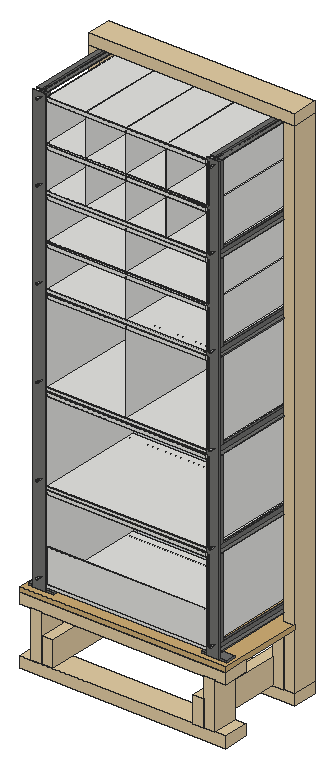
Revit family "Mailboxes_Aluminum-Rack_Ladder_System-Salsbury_Industries-5_Unit_High_Wall_Installation", category Specialty Equipment, host Wall, Revit 2016
Family settings
  Host = Wall
  Part Type = Normal
  Round Connector Dimension = Use Diameter
  OmniClass Number = 23.40.90.14.11
  OmniClass Title = Mail Boxes
  Always vertical = Yes
  Cut with Voids When Loaded = No
  Shared = No
  Room Calculation Point = No
Parameters (values of type "Single Column Installation-2200 Series Mailboxes-5 High")
  Version = "2.0 (06/30/18)"
  URL = "www.mailboxes.com"
  Type Comments = "Rack Ladder System for Aluminum Mailbox Units"
  Trim Material = Steel - Salsbury Finish - Black
  Starter and Add On Configuration (not applicable) = yes
  Starter Configuration (not applicable) = yes
  Rough Opening Width = 25.375"
  Rough Opening Height = 61.625"
  Rack Ladder Spacing = 23.875"
  Right RO Offset = 1.500"
  Rack Ladder Offset = 0.750"
  Rack Ladder Height = Rack Ladder Units : 2200C5
  Platform Material = Plywood
  OmniClass 23 Title = "Mail Boxes"
  OmniClass 23 Number = "23.40.90.14.11"
  Model = "2200 Series"
  MasterFormat Title = "Postal Specialties"
  MasterFormat Number = "10 55 00"
  Manufacturer = "Salsbury Industries"
  Lock Material = Stainless Steel -Salsbury Finish - Polished
  Left RO Offset = 1.500"
  Front Panel Material = Aluminum - Salsbury Finish - Aluminum
  End Column and Add On Configuration (not applicable) = yes
  Description = "5 Unit High  Installation - Single Column"
  Base Height [instance] = 10.000"
  Base Depth = 16.000"
  Back Enclosure Material = Steel - Salsbury Finish - Clear
  Assembly Code = "C1030910"
  2x4 Platform Support = Softwood, Lumber
  2200 Series Mailbox - Location 5 [instance] = 2200_Series_Aluminum_Mailboxes_Rack_Ladder_Units : 2208
  2200 Series Mailbox - Location 4 [instance] = 2200_Series_Aluminum_Mailboxes_Rack_Ladder_Units : 2204
  2200 Series Mailbox - Location 3 [instance] = 2200_Series_Aluminum_Mailboxes_Rack_Ladder_Units : 2202
  2200 Series Mailbox - Location 2 [instance] = 2200_Series_Aluminum_Mailboxes_Rack_Ladder_Units : 2201
  2200 Series Mailbox - Location 1 [instance] = 2200_Series_Aluminum_Mailboxes_Rack_Ladder_Units : 2280
Reference planes (in)
  plane 1 "Center of Wall": y = 0
  plane 2 "Center (Left/Right)": x = 0
  plane 3 "Front Face of Wall": y = 2.4375
  plane 4 "Left Side of RO": x = 12.6875
  plane 5 "Right Side of RO": x = -12.6875
  plane 6 "Top of RO": z = 71.625
  plane 7 "Bottom of RO": z = 10
  plane 8 "Back of Platform": y = -13.5625
  plane 9 "Floor": z = 0
  plane 10 "Back Face of Wall": y = -2.4375
  plane 11: y = -9.0625
  plane 12 "Base-Back Bottom Frame": z = 1.5
  plane 13 "Base-Back TopFrame": z = 7.875
  plane 14 "Base Center-Back TopFrame": z = 8.625
  plane 15 "Base Center-Back Bottom Frame": z = 0.75
  plane 16 "Bottom of Platform": z = 9.375
  plane 17 "Brace/Support Align-Right": x = -11.1875
  plane 18 "Brace/Support Align-Left": x = 11.1875
  plane 19 "Wall Opening Extension - Left": x = 14.1875
  plane 20 "Wall Opening Extension - Right": x = -14.1875
  plane 21 "Wall Opening Extension - Top": z = 73.125
  plane 22 "Right Rack Ladder Align": x = -11.9375
  plane 23 "Left Rack Ladder Align": x = 11.9375
  plane 24: z = 5
  plane 25: y = -1.75
  plane 26: y = 1.75
  plane 27 "Mail Align 1": z = 10.9375
  plane 28: z = 23.0625
  plane 29: z = 35.1875
  plane 30: z = 47.3125
  plane 31: z = 59.4375
  plane 32: z = 71.5625
  plane 33 "Center of Mailboxes": x = 0
  plane 34 "Mailbox Side Align": x = 11.5935
  plane 35: x = -12.6875
  plane 36: x = 12.6875
  plane 37: y = 2.0625
  plane 38: x = 9.6875
  plane 39: x = -9.6875
  plane 40: y = -10.0625
  plane 41 "15"AFF - Low Reach Limit": z = 15
Forms (in)
  Extrusion 1, void
    sketch origin (0, 0, 0) x (1, 0, 0) y (0, 0, 1)
      loop
        line (12.6875, 71.625) -> (-12.6875, 71.625) -> (-12.6875, 10) -> (12.6875, 10) -> (12.6875, 71.625)
    from -2.4375 to 2.4375
  Extrusion 2, void
    sketch origin (0, -2.4375, 0) x (-1, 0, 0) y (0, 0, 1)
      loop
        line (12.6875, 10) -> (-12.6875, 10) -> (-12.6875, 0) -> (12.6875, 0) -> (12.6875, 10)
    from 0 to 4.5
  Extrusion 3, solid, material "Softwood, Lumber" <- "2x4 Platform Support"
    sketch origin (0, 0, 0) x (1, 0, 0) y (0, 1, 0)
      loop
        line (14.1875, -13.5625) -> (14.1875, -10.0625) -> (-14.1875, -10.0625) -> (-14.1875, -13.5625) -> (14.1875, -13.5625)
    from 0 to 1.5
  Extrusion 4, solid, material "Softwood, Lumber" <- "2x4 Platform Support"
    sketch origin (0, 11.8125, 0) x (1, 0, 0) y (0, 1, 0)
      loop
        line (14.1875, -13.5625) -> (14.1875, -10.0625) -> (-14.1875, -10.0625) -> (-14.1875, -13.5625) -> (14.1875, -13.5625)
    from 0 to 1.5
  Extrusion 5, solid, material "Softwood, Lumber" <- "2x4 Platform Support"
    sketch origin (0, 0, 7.875) x (1, 0, 0) y (0, 1, 0)
      loop
        line (14.1875, -13.5625) -> (14.1875, -10.0625) -> (-14.1875, -10.0625) -> (-14.1875, -13.5625) -> (14.1875, -13.5625)
    from 0 to 1.5
  Extrusion 6, solid, material "Softwood, Lumber" <- "2x4 Platform Support"
    sketch origin (0, 0, 7.875) x (1, 0, 0) y (0, 1, 0)
      loop
        line (12.6875, -1.75) -> (12.6875, 1.75) -> (-12.6875, 1.75) -> (-12.6875, -1.75) -> (12.6875, -1.75)
    from 0 to 1.5
  Extrusion 7, solid, material "Softwood, Lumber" <- "2x4 Platform Support"
    sketch origin (-12.6875, 0, 0) x (0, 0, -1) y (0, 1, 0)
      loop
        line (-7.875, -13.5625) -> (-1.5, -13.5625) -> (-1.5, -10.0625) -> (-7.875, -10.0625) -> (-7.875, -13.5625)
    from 0 to 1.5
  Extrusion 8, solid, material "Softwood, Lumber" <- "2x4 Platform Support"
    sketch origin (-12.6875, 0, 0) x (0, 0, -1) y (0, 1, 0)
      loop
        line (-7.875, -1.75) -> (-1.5, -1.75) -> (-1.5, 1.75) -> (-7.875, 1.75) -> (-7.875, -1.75)
    from 0 to 1.5
  Extrusion 9, solid, material "Softwood, Lumber" <- "2x4 Platform Support", visible <- "End Column and Add On Configuration (not applicable)"
    sketch origin (12.6875, 0, 0) x (0, 0, -1) y (0, 1, 0)
      loop
        line (-7.875, -13.5625) -> (-1.5, -13.5625) -> (-1.5, -10.0625) -> (-7.875, -10.0625) -> (-7.875, -13.5625)
    from 0 to -1.5
  Extrusion 10, solid, material "Softwood, Lumber" <- "2x4 Platform Support", visible <- "End Column and Add On Configuration (not applicable)"
    sketch origin (12.6875, 0, 0) x (0, 0, -1) y (0, 1, 0)
      loop
        line (-7.875, -1.75) -> (-1.5, -1.75) -> (-1.5, 1.75) -> (-7.875, 1.75) -> (-7.875, -1.75)
    from 0 to -1.5
  Extrusion 11, solid, material "Softwood, Lumber" <- "2x4 Platform Support"
    sketch origin (-11.1875, 0, 0) x (0, 0, -1) y (0, -1, 0)
      loop
        line (-1.5, 13.5625) -> (-5, 13.5625) -> (-5, -1.75) -> (-1.5, -1.75) -> (-1.5, 13.5625)
    from 0 to -1.5
  Extrusion 12, solid, material "Softwood, Lumber" <- "2x4 Platform Support", visible <- "End Column and Add On Configuration (not applicable)"
    sketch origin (11.1875, 0, 0) x (0, 0, -1) y (0, -1, 0)
      loop
        line (-1.5, 13.5625) -> (-5, 13.5625) -> (-5, -1.75) -> (-1.5, -1.75) -> (-1.5, 13.5625)
    from 0 to 1.5
  Extrusion 13, void
    sketch origin (0, 0, 73.125) x (0, -1, 0) y (1, 0, 0)
      loop
        line (2.4375, -14.1875) -> (2.4375, 14.1875) -> (-2.06201, 14.1875) -> (-2.06201, -14.1875) -> (2.4375, -14.1875)
    from -73.125 to 0
  Extrusion 14, solid, material "Softwood, Lumber" <- "2x4 Platform Support", visible <- "End Column and Add On Configuration (not applicable)"
    sketch origin (14.1875, 0, 0) x (0, -1, 0) y (0, 0, 1)
      loop
        line (1.75, 1.5) -> (1.75, 71.625) -> (-1.75, 71.625) -> (-1.75, 1.5) -> (1.75, 1.5)
    from 0 to 1.5
  Extrusion 15, solid, material "Softwood, Lumber" <- "2x4 Platform Support", visible <- "Starter and Add On Configuration (not applicable)"
    sketch origin (-14.1875, 0, 0) x (0, -1, 0) y (0, 0, 1)
      loop
        line (1.75, 1.5) -> (1.75, 71.625) -> (-1.75, 71.625) -> (-1.75, 1.5) -> (1.75, 1.5)
    from 0 to -1.5
  Extrusion 16, solid, material "Softwood, Lumber" <- "2x4 Platform Support"
    sketch origin (0, 11.8125, 73.125) x (0, -1, 0) y (1, 0, 0)
      loop
        line (13.5625, 14.1875) -> (10.0625, 14.1875) -> (10.0625, -14.1875) -> (13.5625, -14.1875) -> (13.5625, 14.1875)
    from 0 to -1.5
  Extrusion 17, solid, material "Plywood" <- "Platform Material"
    sketch origin (0, 0, 9.375) x (0, -1, 0) y (1, 0, 0)
      loop
        line (13.5625, -14.1875) -> (13.5625, 14.1875) -> (-2.0625, 14.1875) -> (-2.0625, -14.1875) -> (13.5625, -14.1875)
    from 0 to 0.625
  Extrusion 18, void
    sketch origin (-12.6875, 0, 0) x (0, 0, -1) y (0, 1, 0)
      loop
        line (-9.375, 2.0625) -> (-10, 2.0625) -> (-10, -1.75) -> (-9.375, -1.75) -> (-9.375, 2.0625)
    from 0 to -1.5
  Extrusion 19, void
    sketch origin (12.6875, 0, 0) x (0, 0, -1) y (0, 1, 0)
      loop
        line (-9.375, 2.0625) -> (-10, 2.0625) -> (-10, -1.75) -> (-9.375, -1.75) -> (-9.375, 2.0625)
    from 0 to 1.5
Cuts and joins
  Extrusion 18 cuts Extrusion 6
  Extrusion 18, Extrusion 19 cuts Extrusion 17
Lines and regions (in)
  symbolic lines
    curve 1: line (-14.1875, -13.5625, 10.9375) -> (14.1875, -13.5625, 10.9375)
    curve 2: line (-14.1875, 1.75, 10.9375) -> (-14.1875, -13.5625, 10.9375)
    curve 3: line (14.1875, 1.75, 10.9375) -> (-14.1875, 1.75, 10.9375)
    curve 4: line (14.1875, -13.5625, 10.9375) -> (14.1875, 1.75, 10.9375)
    curve 5: line (-14.1875, -1.75, 10.9375) -> (14.1875, -1.75, 10.9375)
    curve 6: line (-12.6875, -1.75, 73.125) -> (-12.6875, 1.75, 73.125)
    curve 7: line (-12.6875, -1.75, 0) -> (-12.6875, -1.75, 73.125)
    curve 8: line (-12.6875, 1.75, 0) -> (-12.6875, -1.75, 0)
    curve 9: line (-12.6875, 1.75, 73.125) -> (-12.6875, 1.75, 0)
    curve 10: line (-12.6875, -13.5625, 9.375) -> (-12.6875, -10.0625, 9.375)
    curve 11: line (-12.6875, -13.5625, 0) -> (-12.6875, -13.5625, 9.375)
    curve 12: line (-12.6875, -10.0625, 0) -> (-12.6875, -13.5625, 0)
    curve 13: line (-12.6875, -10.0625, 9.375) -> (-12.6875, -10.0625, 0)
    curve 14: line (-12.6875, -13.5625, 7.875) -> (-12.6875, -10.0625, 7.875)
    curve 15: line (-12.6875, -13.5625, 1.5) -> (-12.6875, 1.75, 1.5)
    curve 16: line (-12.6875, -10.0625, 5) -> (-12.6875, -1.75, 5)
    curve 17: line (-12.6875, -13.5625, 10) -> (-12.6875, -1.75, 10)
    curve 18: line (-12.6875, -13.5625, 9.375) -> (-12.6875, -13.5625, 10)
    curve 19: line (-12.6875, -1.75, 9.375) -> (-12.6875, -13.5625, 9.375)
    curve 20: line (-12.6875, -1.75, 71.625) -> (-12.6875, 1.75, 71.625)
    curve 21: line (-14.1875, 0, 73.125) -> (14.1875, 0, 73.125)
    curve 22: line (-14.1875, 0, 71.625) -> (-14.1875, 0, 73.125)
    curve 23: line (14.1875, 0, 71.625) -> (-14.1875, 0, 71.625)
    curve 24: line (14.1875, 0, 73.125) -> (14.1875, 0, 71.625)
    curve 25: line (-14.1875, 0, 71.625) -> (-14.1875, 0, 1.5)
    curve 26: line (14.1875, 0, 71.625) -> (14.1875, 0, 1.5)
    curve 27: line (-14.1875, 0, 0) -> (14.1875, 0, 0)
    curve 28: line (-14.1875, 0, 1.5) -> (-14.1875, 0, 0)
    curve 29: line (14.1875, 0, 1.5) -> (-14.1875, 0, 1.5)
    curve 30: line (14.1875, 0, 0) -> (14.1875, 0, 1.5)
    curve 31: line (-14.1875, 0, 9.375) -> (14.1875, 0, 9.375)
    curve 32: line (-14.1875, 0, 10) -> (14.1875, 0, 10)
    curve 33: line (14.1875, 0, 7.875) -> (-14.1875, 0, 7.875)
    curve 34: line (-12.6875, 0, 1.5) -> (-12.6875, 0, 7.875)
    curve 35: line (-11.1875, 0, 1.5) -> (-11.1875, 0, 7.875)
    curve 36: line (-9.6875, 0, 1.5) -> (-9.6875, 0, 5)
    curve 37: line (-11.1875, 0, 5) -> (-9.6875, 0, 5)
    curve 38: line (11.1875, 0, 1.5) -> (11.1875, 0, 7.875)
    curve 39: line (12.6875, 0, 1.5) -> (12.6875, 0, 7.875)
    curve 40: line (9.6875, 0, 1.5) -> (9.6875, 0, 5)
    curve 41: line (11.1875, 0, 5) -> (9.6875, 0, 5)
Text (in)
  text "Placement Side" at (0, 40.15149, 123.01588), in view "Right"
  text "Placement Side" at (-58.6842, 42.74981, 0), in view "Ref. Level"
  text "Placement Side" at (0, 47.49176, 140.59947), in view "Left"
Dimensions and locks (in)
  locked: plane 3 "Front Face of Wall" to host wall
  equal spacing: plane 4 "Left Side of RO", plane 2 "Center (Left/Right)", plane 5 "Right Side of RO"
  "Rough Opening Width": plane 4 "Left Side of RO" to plane 5 "Right Side of RO"
  "Rough Opening Height": plane 7 "Bottom of RO" to plane 6 "Top of RO"
  "Base Height": plane 9 "Floor" to plane 7 "Bottom of RO"
  "Base Depth": plane 8 "Back of Platform" to plane 3 "Front Face of Wall"
  plane 8 "Back of Platform" to plane 11 = 4.500"
  plane 24 to plane 12 "Base-Back Bottom Frame" to plane 15 "Base Center-Back Bottom Frame" to plane 9 "Floor" = 3.500", 0.750", 0.750"
  plane 7 "Bottom of RO" to plane 16 "Bottom of Platform" to plane 14 "Base Center-Back TopFrame" to plane 13 "Base-Back TopFrame" = 0.625", 0.750", 0.750"
  plane 5 "Right Side of RO" to plane 17 "Brace/Support Align-Right" to plane 39 = 1.500" locked, 1.500" locked
  plane 38 to plane 18 "Brace/Support Align-Left" to plane 4 "Left Side of RO" = 1.500" locked, 1.500" locked
  "Left RO Offset": plane 4 "Left Side of RO" to plane 19 "Wall Opening Extension - Left"
  "Right RO Offset": plane 20 "Wall Opening Extension - Right" to plane 5 "Right Side of RO"
  locked: plane 21 "Wall Opening Extension - Top" to plane 6 "Top of RO" at 1.5
  "Rack Ladder Spacing": plane 22 "Right Rack Ladder Align" to plane 23 "Left Rack Ladder Align"
  plane 25 to plane 1 "Center of Wall" to plane 26 = 1.750", 1.750"
  "Rack Ladder Offset": plane 22 "Right Rack Ladder Align" to plane 5 "Right Side of RO"
  plane 32 to plane 31 to plane 30 to plane 29 to plane 28 to plane 27 "Mail Align 1" to plane 7 "Bottom of RO" = 12.125", 12.125", 12.125", 12.125", 12.125", 0.9375"
  equal spacing: plane 22 "Right Rack Ladder Align", plane 33 "Center of Mailboxes", plane 23 "Left Rack Ladder Align"
  locked: plane 34 "Mailbox Side Align" to plane 23 "Left Rack Ladder Align" at 0.344
  locked: plane 20 "Wall Opening Extension - Right" to plane 35 at 1.5
  locked: plane 36 to plane 19 "Wall Opening Extension - Left" at 1.5
  locked: plane 37 to plane 3 "Front Face of Wall" at 0.375
  locked: plane 41 "15"AFF - Low Reach Limit" to plane 9 "Floor" at 15
  aligned and locked: plane 9 "Floor" to level
  aligned and locked: plane 6 "Top of RO" to Extrusion 1 sketch curve
  aligned and locked: plane 5 "Right Side of RO" to Extrusion 1 sketch curve
  aligned and locked: Extrusion 1 sketch curve to plane 4 "Left Side of RO"
  aligned and locked: Extrusion 1 sketch curve to plane 7 "Bottom of RO"
  aligned and locked: host wall to Extrusion 1  (x2)
  aligned and locked: plane 10 "Back Face of Wall" to host wall
  aligned and locked: plane 7 "Bottom of RO" to Extrusion 2 sketch curve
  aligned and locked: Extrusion 2 sketch curve to plane 4 "Left Side of RO"
  aligned and locked: plane 5 "Right Side of RO" to Extrusion 2 sketch curve
  aligned and locked: Extrusion 2 sketch curve to plane 9 "Floor"
  aligned and locked: Extrusion 3 to plane 12 "Base-Back Bottom Frame"
  aligned and locked: plane 4 "Left Side of RO" to Extrusion 6
  aligned and locked: Extrusion 6 to plane 5 "Right Side of RO"
  aligned and locked: plane 12 "Base-Back Bottom Frame" to Extrusion 7
  aligned and locked: Extrusion 7 to plane 13 "Base-Back TopFrame"
  aligned and locked: plane 13 "Base-Back TopFrame" to Extrusion 5
  aligned and locked: plane 12 "Base-Back Bottom Frame" to Extrusion 8
  aligned and locked: plane 12 "Base-Back Bottom Frame" to Extrusion 9
  aligned and locked: plane 12 "Base-Back Bottom Frame" to Extrusion 10
  aligned and locked: Extrusion 9 to plane 13 "Base-Back TopFrame"
  aligned and locked: Extrusion 10 to plane 13 "Base-Back TopFrame"
  aligned and locked: Extrusion 4 to Extrusion 12
  aligned and locked: Extrusion 4 to Extrusion 11
  aligned and locked: Extrusion 13 sketch curve to plane 20 "Wall Opening Extension - Right"
  aligned and locked: plane 19 "Wall Opening Extension - Left" to Extrusion 13 sketch curve
  aligned and locked: Extrusion 4 to plane 19 "Wall Opening Extension - Left"
  aligned and locked: plane 20 "Wall Opening Extension - Right" to Extrusion 4
  aligned and locked: Extrusion 17 to plane 7 "Bottom of RO"
  aligned and locked: Extrusion 13 to level
  aligned and locked: plane 24 to Extrusion 12
  aligned and locked: Extrusion 11 to plane 24
  aligned and locked: nested 1 to plane 7 "Bottom of RO"
  aligned and locked: nested 2 to plane 23 "Left Rack Ladder Align"
  aligned and locked: nested 1 to plane 22 "Right Rack Ladder Align"
  aligned and locked: plane 7 "Bottom of RO" to nested 2
  aligned and locked: plane 3 "Front Face of Wall" to nested 1
  aligned and locked: nested 2 to plane 3 "Front Face of Wall"
  aligned and locked: Extrusion 5 to Extrusion 4
  aligned and locked: Extrusion 5 to plane 19 "Wall Opening Extension - Left"
  aligned and locked: Extrusion 5 to Extrusion 17
  aligned and locked: Extrusion 17 to Extrusion 5
  aligned and locked: Extrusion 4 to Extrusion 3  (x2)
  aligned and locked: Extrusion 4 to plane 12 "Base-Back Bottom Frame"
  aligned and locked: plane 12 "Base-Back Bottom Frame" to Extrusion 15
  aligned and locked: Extrusion 15 to plane 6 "Top of RO"
  aligned and locked: Extrusion 14 to plane 6 "Top of RO"
  aligned and locked: Extrusion 16 to plane 19 "Wall Opening Extension - Left"
  aligned and locked: plane 20 "Wall Opening Extension - Right" to Extrusion 16
  aligned and locked: Extrusion 17 to Extrusion 3  (x2)
  aligned and locked: plane 25 to Extrusion 4
  aligned and locked: Extrusion 4 to plane 26
  aligned and locked: plane 25 to Extrusion 14
  aligned and locked: Extrusion 14 to plane 26
  aligned and locked: Extrusion 10 to plane 26
  aligned and locked: plane 25 to Extrusion 10
  aligned and locked: plane 25 to cut or joined group of Extrusion 6, Extrusion 18
  aligned and locked: cut or joined group of Extrusion 6, Extrusion 18 to plane 26
  aligned and locked: plane 25 to Extrusion 8
  aligned and locked: Extrusion 8 to plane 26
  aligned and locked: Extrusion 16 to plane 26  (x2)
  aligned and locked: plane 25 to Extrusion 16
  aligned and locked: cut or joined group of Extrusion 17, Extrusion 18, Extrusion 19 to Extrusion 18
  aligned and locked: Extrusion 18 to Extrusion 4
  aligned and locked: Extrusion 19 to cut or joined group of Extrusion 17, Extrusion 18, Extrusion 19
  aligned and locked: Extrusion 4 to Extrusion 19
  aligned and locked: nested 4 to plane 3 "Front Face of Wall"
  aligned and locked: nested 6 to plane 3 "Front Face of Wall"
  aligned and locked: nested 5 to plane 3 "Front Face of Wall"
  aligned and locked: nested 7 to plane 3 "Front Face of Wall"
  aligned and locked: plane 27 "Mail Align 1" to nested 3
  aligned and locked: plane 28 to nested 4
  aligned and locked: plane 29 to nested 5
  aligned and locked: plane 30 to nested 6
  aligned and locked: plane 31 to nested 7
  aligned and locked: nested 3 to plane 3 "Front Face of Wall"
  aligned and locked: nested 7 to plane 34 "Mailbox Side Align"
  aligned and locked: nested 6 to plane 34 "Mailbox Side Align"
  aligned and locked: nested 5 to plane 34 "Mailbox Side Align"
  aligned and locked: nested 4 to plane 34 "Mailbox Side Align"
  aligned and locked: nested 3 to plane 34 "Mailbox Side Align"
  aligned and locked: Extrusion 15 to plane 26
  aligned and locked: plane 25 to Extrusion 15
  aligned and locked: plane 25 to Extrusion 15 sketch curve
  aligned and locked: Extrusion 15 sketch curve to plane 26
  aligned and locked: Extrusion 15 sketch curve to plane 6 "Top of RO"
  aligned and locked: plane 12 "Base-Back Bottom Frame" to Extrusion 15 sketch curve
  aligned and locked: Extrusion 15 to plane 35
  aligned and locked: plane 20 "Wall Opening Extension - Right" to Extrusion 15
  aligned and locked: plane 12 "Base-Back Bottom Frame" to Extrusion 14 sketch curve
  aligned and locked: plane 25 to Extrusion 14 sketch curve
  aligned and locked: Extrusion 14 sketch curve to plane 26
  aligned and locked: Extrusion 14 sketch curve to plane 6 "Top of RO"
  aligned and locked: Extrusion 14 to plane 36
  aligned and locked: Extrusion 14 to plane 19 "Wall Opening Extension - Left"
  aligned and locked: plane 26 to Extrusion 16 sketch curve
  aligned and locked: Extrusion 16 sketch curve to plane 20 "Wall Opening Extension - Right"
  aligned and locked: Extrusion 16 sketch curve to plane 25
  aligned and locked: plane 19 "Wall Opening Extension - Left" to Extrusion 16 sketch curve
  aligned and locked: Extrusion 16 to plane 21 "Wall Opening Extension - Top"
  aligned and locked: plane 6 "Top of RO" to Extrusion 16
  aligned and locked: plane 20 "Wall Opening Extension - Right" to Extrusion 17 sketch curve
  aligned and locked: Extrusion 17 sketch curve to plane 19 "Wall Opening Extension - Left"
  aligned and locked: plane 8 "Back of Platform" to Extrusion 17 sketch curve
  aligned and locked: plane 37 to Extrusion 17 sketch curve
  aligned and locked: plane 16 "Bottom of Platform" to cut or joined group of Extrusion 17, Extrusion 18, Extrusion 19
  aligned and locked: plane 5 "Right Side of RO" to Extrusion 6 sketch curve
  aligned and locked: plane 26 to Extrusion 6 sketch curve
  aligned and locked: Extrusion 6 sketch curve to plane 25
  aligned and locked: Extrusion 6 sketch curve to plane 4 "Left Side of RO"
  aligned and locked: plane 13 "Base-Back TopFrame" to cut or joined group of Extrusion 6, Extrusion 18
  aligned and locked: cut or joined group of Extrusion 6, Extrusion 18 to plane 16 "Bottom of Platform"
  aligned and locked: plane 40 to Extrusion 5 sketch curve
  aligned and locked: Extrusion 5 sketch curve to plane 8 "Back of Platform"
  aligned and locked: Extrusion 5 sketch curve to plane 20 "Wall Opening Extension - Right"
  aligned and locked: plane 19 "Wall Opening Extension - Left" to Extrusion 5 sketch curve
  aligned and locked: Extrusion 5 to plane 16 "Bottom of Platform"
  aligned and locked: plane 13 "Base-Back TopFrame" to Extrusion 8 sketch curve
  aligned and locked: Extrusion 8 sketch curve to plane 25
  aligned and locked: plane 26 to Extrusion 8 sketch curve
  aligned and locked: Extrusion 8 sketch curve to plane 12 "Base-Back Bottom Frame"
  aligned and locked: Extrusion 8 to plane 17 "Brace/Support Align-Right"
  aligned and locked: Extrusion 8 to plane 5 "Right Side of RO"
  aligned and locked: plane 13 "Base-Back TopFrame" to Extrusion 7 sketch curve
  aligned and locked: Extrusion 7 sketch curve to plane 12 "Base-Back Bottom Frame"
  aligned and locked: plane 40 to Extrusion 7 sketch curve
  aligned and locked: Extrusion 7 sketch curve to plane 8 "Back of Platform"
  aligned and locked: Extrusion 7 to plane 17 "Brace/Support Align-Right"
  aligned and locked: Extrusion 7 to plane 5 "Right Side of RO"
  aligned and locked: Extrusion 11 sketch curve to plane 24
  aligned and locked: plane 12 "Base-Back Bottom Frame" to Extrusion 11 sketch curve
  aligned and locked: plane 8 "Back of Platform" to Extrusion 11 sketch curve
  aligned and locked: Extrusion 11 sketch curve to plane 26
  aligned and locked: plane 39 to Extrusion 11
  aligned and locked: plane 17 "Brace/Support Align-Right" to Extrusion 11
  aligned and locked: plane 13 "Base-Back TopFrame" to Extrusion 10 sketch curve
  aligned and locked: Extrusion 10 sketch curve to plane 12 "Base-Back Bottom Frame"
  aligned and locked: Extrusion 10 sketch curve to plane 25
  aligned and locked: plane 26 to Extrusion 10 sketch curve
  aligned and locked: plane 4 "Left Side of RO" to Extrusion 10
  aligned and locked: plane 18 "Brace/Support Align-Left" to Extrusion 10
  aligned and locked: plane 13 "Base-Back TopFrame" to Extrusion 9 sketch curve
  aligned and locked: Extrusion 9 sketch curve to plane 12 "Base-Back Bottom Frame"
  aligned and locked: plane 40 to Extrusion 9 sketch curve
  aligned and locked: Extrusion 9 sketch curve to plane 8 "Back of Platform"
  aligned and locked: plane 4 "Left Side of RO" to Extrusion 9
  aligned and locked: plane 18 "Brace/Support Align-Left" to Extrusion 9
  aligned and locked: Extrusion 12 sketch curve to plane 26
  aligned and locked: Extrusion 12 sketch curve to plane 24
  aligned and locked: plane 12 "Base-Back Bottom Frame" to Extrusion 12 sketch curve
  aligned and locked: plane 8 "Back of Platform" to Extrusion 12 sketch curve
  aligned and locked: Extrusion 12 to plane 18 "Brace/Support Align-Left"
  aligned and locked: Extrusion 12 to plane 38
  aligned and locked: plane 26 to Extrusion 4 sketch curve
  aligned and locked: Extrusion 4 sketch curve to plane 25
  aligned and locked: plane 19 "Wall Opening Extension - Left" to Extrusion 4 sketch curve
  aligned and locked: Extrusion 4 sketch curve to plane 20 "Wall Opening Extension - Right"
  aligned and locked: plane 9 "Floor" to Extrusion 4
  aligned and locked: plane 40 to Extrusion 3 sketch curve
  aligned and locked: Extrusion 3 sketch curve to plane 8 "Back of Platform"
  aligned and locked: plane 19 "Wall Opening Extension - Left" to Extrusion 3 sketch curve
  aligned and locked: Extrusion 3 sketch curve to plane 20 "Wall Opening Extension - Right"
  aligned and locked: plane 9 "Floor" to Extrusion 3
  aligned and locked: plane 8 "Back of Platform" to curve 1
  aligned and locked: plane 20 "Wall Opening Extension - Right" to curve 2
  aligned and locked: curve 4 to plane 19 "Wall Opening Extension - Left"
  aligned and locked: plane 20 "Wall Opening Extension - Right" to curve 5
  aligned and locked: plane 19 "Wall Opening Extension - Left" to curve 5
  aligned and locked: plane 25 to curve 5
  aligned and locked: curve 7 to plane 25
  aligned and locked: plane 21 "Wall Opening Extension - Top" to curve 6
  aligned and locked: plane 26 to curve 9
  aligned and locked: curve 8 to plane 9 "Floor"
  aligned and locked: curve 12 to plane 9 "Floor"
  aligned and locked: plane 40 to curve 13
  aligned and locked: curve 11 to plane 8 "Back of Platform"
  aligned and locked: plane 16 "Bottom of Platform" to curve 10
  aligned and locked: plane 13 "Base-Back TopFrame" to curve 14
  aligned and locked: plane 12 "Base-Back Bottom Frame" to curve 15
  aligned and locked: plane 40 to curve 16
  aligned and locked: plane 25 to curve 16
  aligned and locked: plane 24 to curve 16
  aligned and locked: plane 7 "Bottom of RO" to curve 17
  aligned and locked: curve 19 to plane 16 "Bottom of Platform"
  aligned and locked: curve 18 to plane 8 "Back of Platform"
  aligned and locked: plane 26 to curve 20
  aligned and locked: plane 6 "Top of RO" to curve 20
  aligned and locked: curve 23 to plane 6 "Top of RO"
  aligned and locked: plane 21 "Wall Opening Extension - Top" to curve 21
  aligned and locked: plane 19 "Wall Opening Extension - Left" to curve 24
  aligned and locked: curve 22 to plane 20 "Wall Opening Extension - Right"
  aligned and locked: plane 6 "Top of RO" to curve 25
  aligned and locked: plane 12 "Base-Back Bottom Frame" to curve 25
  aligned and locked: plane 19 "Wall Opening Extension - Left" to curve 26
  aligned and locked: curve 29 to plane 12 "Base-Back Bottom Frame"
  aligned and locked: plane 9 "Floor" to curve 27
  aligned and locked: plane 20 "Wall Opening Extension - Right" to curve 28
  aligned and locked: curve 30 to plane 19 "Wall Opening Extension - Left"
  aligned and locked: plane 16 "Bottom of Platform" to curve 31
  aligned and locked: plane 20 "Wall Opening Extension - Right" to curve 33
  aligned and locked: plane 19 "Wall Opening Extension - Left" to curve 33
  aligned and locked: plane 7 "Bottom of RO" to curve 32
  aligned and locked: curve 33 to plane 13 "Base-Back TopFrame"
  aligned and locked: plane 24 to curve 36
  aligned and locked: curve 34 to plane 35
  aligned and locked: curve 35 to plane 17 "Brace/Support Align-Right"
  aligned and locked: plane 39 to curve 36
  aligned and locked: plane 17 "Brace/Support Align-Right" to curve 37
  aligned and locked: plane 39 to curve 37
  aligned and locked: plane 24 to curve 37
  aligned and locked: plane 13 "Base-Back TopFrame" to curve 39
  aligned and locked: plane 24 to curve 40
  aligned and locked: curve 39 to plane 36
  aligned and locked: curve 38 to plane 18 "Brace/Support Align-Left"
  aligned and locked: plane 38 to curve 40
  aligned and locked: plane 18 "Brace/Support Align-Left" to curve 41
  aligned and locked: plane 38 to curve 41
  aligned and locked: curve 41 to plane 24
Automatic sketch dimensions
  host wall to Extrusion 13 sketch curve = 0.000"
  Extrusion 13 sketch curve to host wall = 0.37549"
  plane 7 "Bottom of RO" to Extrusion 18 sketch curve = 0.000"
  plane 16 "Bottom of Platform" to Extrusion 18 sketch curve = 0.000"
  Extrusion 18 sketch curve to host wall = 0.6875"
  Extrusion 18 sketch curve to host wall = 0.375"
  plane 7 "Bottom of RO" to Extrusion 19 sketch curve = 0.000"
  plane 16 "Bottom of Platform" to Extrusion 19 sketch curve = 0.000"
  Extrusion 19 sketch curve to host wall = 0.6875"
  Extrusion 19 sketch curve to host wall = 0.375"
  plane 26 to curve 4 = 0.000"
Nested families (in)
  nested 1: "Rack Ladder Units" at (-11.9375, -5.125, 10), type <- "Rack Ladder Height", type "2200C5"
  nested 2: "Rack Ladder Units" at (11.9375, -5.125, 10) x (-1, 0, 0) z (0, 0, 1), type <- "Rack Ladder Height", visible <- "End Column and Add On Configuration (not applicable)", type "2200C5"
  nested 3: "2200_Series_Aluminum_Mailboxes_Rack_Ladder_Units" at (-0.0315, -5.3125, 10.9375) x (-1, 0, 0) z (0, 0, 1), type <- "2200 Series Mailbox - Location 1", type "2280"
    with Door Slot #9 Number "9", Door Slot #8 Number "8", Door Slot #7 Number "7", Door Slot #6 Number "6", Door Slot #5 Number "5", Door Slot #4 Number "4", Door Slot #3 Number "3", Door Slot #2 Number "2", Door Slot #17 Number "0", Door Slot #16 Number "0", Door Slot #15 Number "0", Door Slot #14 Number "0", Door Slot #13 Number "0", Door Slot #12 Number "1\r\n2", Door Slot #11 Number "1\r\n1", Door Slot #10 Number "1\r\n0", Door Slot #1 Number "1", Door Numbers yes
  nested 4: "2200_Series_Aluminum_Mailboxes_Rack_Ladder_Units" at (-0.0315, -5.3125, 23.0625) x (-1, 0, 0) z (0, 0, 1), type <- "2200 Series Mailbox - Location 2", type "2201"
    with Door Slot #9 Number "9", Door Slot #8 Number "8", Door Slot #7 Number "7", Door Slot #6 Number "6", Door Slot #5 Number "5", Door Slot #4 Number "4", Door Slot #3 Number "3", Door Slot #2 Number "2", Door Slot #17 Number "0", Door Slot #16 Number "0", Door Slot #15 Number "0", Door Slot #14 Number "0", Door Slot #13 Number "0", Door Slot #12 Number "1\r\n2", Door Slot #11 Number "1\r\n1", Door Slot #10 Number "1\r\n0", Door Slot #1 Number "1", Door Numbers yes
  nested 5: "2200_Series_Aluminum_Mailboxes_Rack_Ladder_Units" at (-0.0315, -5.3125, 35.1875) x (-1, 0, 0) z (0, 0, 1), type <- "2200 Series Mailbox - Location 3", type "2202"
    with Door Slot #9 Number "9", Door Slot #8 Number "8", Door Slot #7 Number "7", Door Slot #6 Number "6", Door Slot #5 Number "5", Door Slot #4 Number "4", Door Slot #3 Number "3", Door Slot #2 Number "2", Door Slot #17 Number "0", Door Slot #16 Number "0", Door Slot #15 Number "0", Door Slot #14 Number "0", Door Slot #13 Number "0", Door Slot #12 Number "1\r\n2", Door Slot #11 Number "1\r\n1", Door Slot #10 Number "1\r\n0", Door Slot #1 Number "1", Door Numbers yes
  nested 6: "2200_Series_Aluminum_Mailboxes_Rack_Ladder_Units" at (-0.0315, -5.3125, 47.3125) x (-1, 0, 0) z (0, 0, 1), type <- "2200 Series Mailbox - Location 4", type "2204"
    with Door Slot #9 Number "9", Door Slot #8 Number "8", Door Slot #7 Number "7", Door Slot #6 Number "6", Door Slot #5 Number "5", Door Slot #4 Number "4", Door Slot #3 Number "3", Door Slot #2 Number "2", Door Slot #17 Number "0", Door Slot #16 Number "0", Door Slot #15 Number "0", Door Slot #14 Number "0", Door Slot #13 Number "0", Door Slot #12 Number "1\r\n2", Door Slot #11 Number "1\r\n1", Door Slot #10 Number "1\r\n0", Door Slot #1 Number "1", Door Numbers yes
  nested 7: "2200_Series_Aluminum_Mailboxes_Rack_Ladder_Units" at (-0.0315, -5.3125, 59.4375) x (-1, 0, 0) z (0, 0, 1), type <- "2200 Series Mailbox - Location 5", type "2208"
    with Door Slot #9 Number "9", Door Slot #8 Number "8", Door Slot #7 Number "7", Door Slot #6 Number "6", Door Slot #5 Number "5", Door Slot #4 Number "4", Door Slot #3 Number "3", Door Slot #2 Number "2", Door Slot #17 Number "0", Door Slot #16 Number "0", Door Slot #15 Number "0", Door Slot #14 Number "0", Door Slot #13 Number "0", Door Slot #12 Number "1\r\n2", Door Slot #11 Number "1\r\n1", Door Slot #10 Number "1\r\n0", Door Slot #1 Number "1", Door Numbers yes
Definition of nested family "Rack Ladder Units"
  Parameters (values of type "2200C4")
    Width = 3.500"
    Visible = yes
    Version = "1.0 (04/30/16)"
    Type Comments = "Rack Ladder for Aluminum Mailboxes"
    Trim Material = none
    Number of Dividers = 4
    Model = "2200C4"
    Manufacturer = "Salsbury Industries"
    Lock Material = none
    Height = 49.500"
    Divider Spacing = 36.375"
    Description = "4 High - Custom"
    Depth = 15.875"
  Types (7): name | Visible | Number of Dividers | Model | Height | Divider Spacing | Description
    (no name) | yes | 4 | "2200C4" | 49.500" | 36.375" | "4 High - Custom"
    2200C6 | yes | 6 | "2200C6" | 73.750" | 60.625" | "6 High - Custom"
    2200C5 | yes | 5 | "2200C5" | 61.625" | 48.500" | "5 High - Standard"
    2200C4 | yes | 4 | "2200C4" | 49.500" | 36.375" | "4 High - Custom"
    2200C3 | yes | 3 | "2200C3" | 37.375" | 24.250" | "3 High - Custom"
    2200C2 | yes | 2 | "2200C2" | 25.250" | 12.125" | "2 High - Custom"
    None | no | 2 | "2200C2" | 25.250" | 12.125" | "2 High - Custom"
  Reference planes (in)
    plane 1 "Center (Front/Back)": y = 0
    plane 2 "bottom": z = 0
    plane 3 "Center (Left/Right)": x = 0
    plane 4 "left": y = -7.5625
    plane 5 "right": y = 7.5625
    plane 6 "Bottom of top divider": z = 49.4375
    plane 7 "back": x = -0.625
    plane 8 "front": x = 0.625
    plane 9: z = 0.9375
    plane 10: z = 13.0625
    plane 11: z = 25.1875
    plane 12: z = 37.3125
    plane 13: z = 49.4375
    plane 14: z = 37.3125
    plane 15 "Vertical Bar Base": z = 0.25
    plane 16: y = -6.3125
    plane 17: y = 6.0625
    plane 18: x = 1.75
    plane 19: x = -1.75
    plane 20: x = 0.125
    plane 21: x = -0.125
    plane 22: y = 7.3125
    plane 23 "Divider Left Align": y = -7.3125
    plane 24: x = 0.875
    plane 25: x = -0.875
    plane 26 "Back Plate Align": y = -7.8125
    plane 27 "Divider Right Align": y = 7.0625
    plane 28: y = -7.875
    plane 29: y = -8.3125
    plane 30 "top": z = 49.5
    plane 31: y = 6.3125
  Forms (in)
    Extrusion 1, solid, material <- "Trim Material", visible <- "Visible"
      sketch origin (0, 0, 0) x (1, 0, 0) y (0, 1, 0)
        loop
          line (-1.75, -6.3125) -> (-1.75, -7.5625) -> (1.75, -7.5625) -> (1.75, -6.3125) -> (-1.75, -6.3125)
      from 0 to 0.25
    Extrusion 2, solid, material <- "Trim Material", visible <- "Visible"
      sketch origin (0, -0.125, 0.25) x (1, 0, 0) y (0, 1, 0)
        loop
          line (-0.125, -6.1875) -> (-0.125, -7.4375) -> (0.125, -7.4375) -> (0.125, -6.1875) -> (-0.125, -6.1875)
      from 0 to 49.25
    Extrusion 3, solid, material <- "Trim Material", visible <- "Visible"
      sketch origin (0, 0, 0) x (1, 0, 0) y (0, 1, 0)
        loop
          line (-0.625, 6.3125) -> (1.75, 6.3125) -> (1.75, 7.5625) -> (-0.625, 7.5625) -> (-0.625, 6.3125)
      from 0 to 0.25
    Extrusion 4, solid, material <- "Trim Material", visible <- "Visible"
      sketch origin (0, -0.25, 0.25) x (1, 0, 0) y (0, 1, 0)
        loop
          line (-0.125, 6.3125) -> (0.125, 6.3125) -> (0.125, 7.5625) -> (-0.125, 7.5625) -> (-0.125, 6.3125)
      from 0 to 49.25
    Extrusion 5, solid, material <- "Trim Material", visible <- "Visible"
      sketch origin (0, 0, 0.25) x (1, 0, 0) y (0, 1, 0)
        loop
          line (-0.625, 7.5625) -> (-0.625, 7.3125) -> (0.625, 7.3125) -> (0.625, 7.5625) -> (-0.625, 7.5625)
      from 0 to 49.25
    Extrusion 6, solid, material <- "Trim Material", visible <- "Visible"
      sketch origin (0, -0.4375, 0.25) x (1, 0, 0) y (0, 1, 0)
        loop
          line (-0.875, -7.375) -> (-0.875, -7.4375) -> (0.875, -7.4375) -> (0.875, -7.375) -> (-0.875, -7.375)
      from 0 to 49.25
  Lines and regions (in)
    symbolic lines
      curve 1: line (-1.75, -6.3125, 49.4375) -> (1.75, -6.3125, 49.4375)
      curve 2: line (-1.75, -7.5625, 49.4375) -> (-1.75, -6.3125, 49.4375)
      curve 3: line (1.75, -7.5625, 49.4375) -> (-1.75, -7.5625, 49.4375)
      curve 4: line (1.75, -6.3125, 49.4375) -> (1.75, -7.5625, 49.4375)
      curve 5: line (-0.875, -7.8125, 49.4375) -> (0.875, -7.8125, 49.4375)
      curve 6: line (-0.875, -7.875, 49.4375) -> (-0.875, -7.8125, 49.4375)
      curve 7: line (0.875, -7.875, 49.4375) -> (-0.875, -7.875, 49.4375)
      curve 8: line (0.875, -7.8125, 49.4375) -> (0.875, -7.875, 49.4375)
      curve 9: line (-0.625, 7.5625, 49.4375) -> (1.75, 7.5625, 49.4375)
      curve 10: line (-0.625, 6.3125, 49.4375) -> (-0.625, 7.5625, 49.4375)
      curve 11: line (1.75, 6.3125, 49.4375) -> (-0.625, 6.3125, 49.4375)
      curve 12: line (1.75, 7.5625, 49.4375) -> (1.75, 6.3125, 49.4375)
      curve 13: line (-0.125, -6.3125, 49.4375) -> (0.125, -6.3125, 49.4375)
      curve 14: line (-0.125, -7.5625, 49.4375) -> (-0.125, -6.3125, 49.4375)
      curve 15: line (0.125, -7.5625, 49.4375) -> (-0.125, -7.5625, 49.4375)
      curve 16: line (0.125, -6.3125, 49.4375) -> (0.125, -7.5625, 49.4375)
      curve 17: line (-0.125, 7.3125, 49.4375) -> (0.125, 7.3125, 49.4375)
      curve 18: line (-0.125, 6.0625, 49.4375) -> (-0.125, 7.3125, 49.4375)
      curve 19: line (0.125, 6.0625, 49.4375) -> (-0.125, 6.0625, 49.4375)
      curve 20: line (0.125, 7.3125, 49.4375) -> (0.125, 6.0625, 49.4375)
      curve 21: line (0, -7.5625, 49.5) -> (0, -6.3125, 49.5)
      curve 22: line (0, -7.5625, 0) -> (0, -7.5625, 49.5)
      curve 23: line (0, -6.3125, 0) -> (0, -7.5625, 0)
      curve 24: line (0, -6.3125, 49.5) -> (0, -6.3125, 0)
      curve 25: line (0, 6.0625, 49.5) -> (0, 7.5625, 49.5)
      curve 26: line (0, 6.0625, 0) -> (0, 6.0625, 49.5)
      curve 27: line (0, 7.5625, 0) -> (0, 6.0625, 0)
      curve 28: line (0, 7.5625, 49.5) -> (0, 7.5625, 0)
      curve 29: line (0, -7.875, 49.5) -> (0, -7.8125, 49.5)
      curve 30: line (0, -7.875, 0.25) -> (0, -7.875, 49.5)
      curve 31: line (0, -7.8125, 0.25) -> (0, -7.875, 0.25)
      curve 32: line (0, -7.8125, 49.5) -> (0, -7.8125, 0.25)
      curve 33: line (-0.875, 0, 49.5) -> (0.875, 0, 49.5)
      curve 34: line (-0.875, 0, 0.25) -> (-0.875, 0, 49.5)
      curve 35: line (0.875, 0, 0.25) -> (-0.875, 0, 0.25)
      curve 36: line (0.875, 0, 49.5) -> (0.875, 0, 0.25)
      curve 37: line (-1.75, 0, 0.25) -> (1.75, 0, 0.25)
      curve 38: line (-1.75, 0, 0) -> (-1.75, 0, 0.25)
      curve 39: line (1.75, 0, 0) -> (-1.75, 0, 0)
      curve 40: line (1.75, 0, 0.25) -> (1.75, 0, 0)
  Dimensions and locks (in)
    equal spacing: plane 7 "back", plane 3 "Center (Left/Right)", plane 8 "front"
    locked: plane 7 "back" to plane 8 "front" at 1.25
    equal spacing: plane 4 "left", plane 1 "Center (Front/Back)", plane 5 "right"
    plane 4 "left" to plane 5 "right" = 15.125"
    locked: plane 9 to plane 2 "bottom" at 0.9375
    plane 15 "Vertical Bar Base" to plane 2 "bottom" = 0.250"
    equal spacing: plane 19, plane 3 "Center (Left/Right)", plane 18
    "Width": plane 19 to plane 18
    equal spacing: plane 21, plane 3 "Center (Left/Right)", plane 20
    plane 21 to plane 20 = 0.250"
    plane 17 to plane 22 to plane 5 "right" = 1.250", 0.250"
    plane 29 to plane 28 to plane 26 "Back Plate Align" to plane 4 "left" to plane 23 "Divider Left Align" to plane 16 = 0.4375", 0.0625", 0.250", 0.250", 1.000"
    plane 25 to plane 3 "Center (Left/Right)" to plane 24 = 0.875", 0.875"
    plane 27 "Divider Right Align" to plane 22 = 0.250"
    "Depth": plane 29 to plane 5 "right"
    plane 14 to plane 6 "Bottom of top divider" to plane 30 "top" = 12.125" locked, 0.0625"
    equal spacing: group 1, group 3, group 4, group 2  (x3)
    "Divider Spacing": plane 9 to plane 14
    plane 2 "bottom" to plane 30 "top" = 49.500"
    plane 31 to plane 5 "right" = 1.250"
    aligned and locked: level to plane 2 "bottom"
    aligned and locked: nested 2 to plane 9
    aligned and locked: plane 9 to nested 2
    aligned and locked: nested 3 to plane 14
    aligned and locked: plane 6 "Bottom of top divider" to nested 1
    aligned and locked: Extrusion 2 to Extrusion 6
    aligned and locked: Extrusion 5 to Extrusion 4
    aligned and locked: Extrusion 4 to plane 30 "top"
    aligned and locked: Extrusion 2 to plane 30 "top"
    aligned and locked: Extrusion 6 to plane 24
    aligned and locked: plane 25 to Extrusion 6
    aligned and locked: Extrusion 6 sketch curve to plane 28
    aligned and locked: plane 26 "Back Plate Align" to Extrusion 6 sketch curve
    aligned and locked: Extrusion 6 sketch curve to plane 25
    aligned and locked: plane 24 to Extrusion 6 sketch curve
    aligned and locked: plane 15 "Vertical Bar Base" to Extrusion 6
    aligned and locked: plane 17 to Extrusion 4 sketch curve
    aligned and locked: Extrusion 4 sketch curve to plane 20
    aligned and locked: plane 21 to Extrusion 4 sketch curve
    aligned and locked: Extrusion 4 sketch curve to plane 22
    aligned and locked: Extrusion 4 to Extrusion 1
    aligned and locked: plane 5 "right" to Extrusion 5 sketch curve
    aligned and locked: Extrusion 5 sketch curve to plane 22
    aligned and locked: Extrusion 5 sketch curve to plane 7 "back"
    aligned and locked: plane 8 "front" to Extrusion 5 sketch curve
    aligned and locked: plane 15 "Vertical Bar Base" to Extrusion 5
    aligned and locked: plane 16 to Extrusion 2 sketch curve
    aligned and locked: Extrusion 2 sketch curve to plane 4 "left"
    aligned and locked: Extrusion 2 sketch curve to plane 21
    aligned and locked: plane 20 to Extrusion 2 sketch curve
    aligned and locked: plane 15 "Vertical Bar Base" to Extrusion 2
    aligned and locked: Extrusion 1 to plane 18
    aligned and locked: Extrusion 1 to plane 16  (x2)
    aligned and locked: plane 19 to Extrusion 1
    aligned and locked: plane 4 "left" to Extrusion 1
    aligned and locked: plane 16 to Extrusion 1 sketch curve
    aligned and locked: Extrusion 1 sketch curve to plane 4 "left"
    aligned and locked: plane 18 to Extrusion 1 sketch curve
    aligned and locked: Extrusion 1 sketch curve to plane 19
    aligned and locked: Extrusion 1 to plane 2 "bottom"
    aligned and locked: Extrusion 1 to plane 15 "Vertical Bar Base"
    aligned and locked: Extrusion 3 sketch curve to plane 18
    aligned and locked: Extrusion 3 sketch curve to plane 5 "right"
    aligned and locked: plane 7 "back" to Extrusion 3 sketch curve
    aligned and locked: plane 31 to Extrusion 3 sketch curve
    aligned and locked: Extrusion 3 to plane 2 "bottom"
    aligned and locked: Extrusion 3 to plane 15 "Vertical Bar Base"
    aligned and locked: plane 3 "Center (Left/Right)" to nested 3
    aligned and locked: plane 3 "Center (Left/Right)" to nested 2
    aligned and locked: plane 29 to nested 2
    aligned and locked: plane 29 to nested 3
    aligned and locked: plane 29 to nested 1
    aligned and locked: plane 3 "Center (Left/Right)" to nested 1
    aligned and locked: curve 2 to plane 19
    aligned and locked: plane 16 to curve 1
    aligned and locked: plane 18 to curve 4
    aligned and locked: curve 3 to plane 4 "left"
    aligned and locked: curve 7 to plane 28
    aligned and locked: plane 24 to curve 8
    aligned and locked: plane 26 "Back Plate Align" to curve 5
    aligned and locked: curve 6 to plane 25
    aligned and locked: curve 11 to plane 31
    aligned and locked: plane 5 "right" to curve 9
    aligned and locked: curve 10 to plane 7 "back"
    aligned and locked: plane 18 to curve 12
    aligned and locked: plane 20 to curve 16
    aligned and locked: curve 14 to plane 21
    aligned and locked: plane 16 to curve 13
    aligned and locked: curve 15 to plane 4 "left"
    aligned and locked: curve 19 to plane 17
    aligned and locked: plane 20 to curve 20
    aligned and locked: curve 18 to plane 21
    aligned and locked: plane 22 to curve 17
    aligned and locked: plane 16 to curve 24
    aligned and locked: plane 30 "top" to curve 21
    aligned and locked: curve 22 to plane 4 "left"
    aligned and locked: plane 2 "bottom" to curve 23
    aligned and locked: plane 2 "bottom" to curve 27
    aligned and locked: plane 5 "right" to curve 28
    aligned and locked: plane 30 "top" to curve 25
    aligned and locked: curve 26 to plane 17
    aligned and locked: plane 26 "Back Plate Align" to curve 32
    aligned and locked: curve 31 to plane 15 "Vertical Bar Base"
    aligned and locked: curve 30 to plane 28
    aligned and locked: plane 30 "top" to curve 29
    aligned and locked: curve 34 to plane 25
    aligned and locked: plane 30 "top" to curve 33
    aligned and locked: plane 24 to curve 36
    aligned and locked: curve 35 to plane 15 "Vertical Bar Base"
    aligned and locked: plane 18 to curve 40
    aligned and locked: plane 15 "Vertical Bar Base" to curve 37
    aligned and locked: curve 38 to plane 19
    aligned and locked: plane 2 "bottom" to curve 39
  Nested families (in)
    nested 1: "Rack Ladder Divider" at (0, -0.125, 48.875), visible <- "Visible", type "Rack Ladder Divider"
    nested 2: "Rack Ladder Divider - Upward" at (0, -0.125, 0.9375), visible <- "Visible", type "Rack Ladder Divider"
    nested 3: "Rack Ladder Divider - Upward" at (0, -0.125, 37.3125), visible <- "Visible", type "Rack Ladder Divider"
    nested 4: "Rack Ladder Divider - Upward" at (0, -0.125, 13.0625), visible <- "Visible", type "Rack Ladder Divider"
    nested 5: "Rack Ladder Divider - Upward" at (0, -0.125, 25.1875), visible <- "Visible", type "Rack Ladder Divider"
  Definition of nested family "Rack Ladder Divider"
    Parameters (values of type "Rack Ladder Divider")
      Width = 1.500"
      Trim Material = none
      Model = "Rack Ladder Divider"
      Manufacturer = "Salsbury Industries"
      Lock Material = none
      Height = 0.625"
      Gap = 0.250"
      Depth = 14.375"
    Reference planes (in)
      plane 1 "Center (Front/Back)": y = 0
      plane 2 "bottom": z = 0
      plane 3 "Center (Left/Right)": x = 0
      plane 4: x = -0.125
      plane 5: x = 0.125
      plane 6 "front": y = -7.1875
      plane 7 "back": y = 7.1875
      plane 8 "top": z = 0.625
      plane 9: z = 0.5625
      plane 10 "left": x = -0.75
      plane 11 "right": x = 0.75
      plane 12: x = -0.1875
      plane 13: x = 0.1875
      plane 14 "Screw Line": z = -0.219
      plane 15 "Screw Align": y = -7.4375
      plane 16: y = -8.1875
      plane 17: x = -0.10973
      plane 18: x = 0.10973
    Forms (in)
      Extrusion 1, solid, material <- "Trim Material"
        sketch origin (0, 0, 0) x (1, 0, 0) y (0, 0, 1)
          loop
            line (0.125, 0) -> (0.1875, 0) -> (0.1875, 0.5625) -> (0.75, 0.5625) -> (0.75, 0.625) -> (0.125, 0.625) -> (0.125, 0)
          loop
            line (-0.125, 0) -> (-0.125, 0.625) -> (-0.75, 0.625) -> (-0.75, 0.5625) -> (-0.1875, 0.5625) -> (-0.1875, 0) -> (-0.125, 0)
        from -7.1875 to 7.1875
      Extrusion 2, solid, material <- "Lock Material", detail levels medium+fine
        sketch origin (0, -7.4375, 0) x (1, 0, 0) y (0, 0, 1)
          loop
            circle (0, -0.11) r 0.109
        from 0 to 0.75
    Lines and regions (in)
      symbolic lines
        curve 1: line (-0.75, 0, 0.625) -> (-0.125, 0, 0.625)
        curve 2: line (-0.75, 0, 0.5625) -> (-0.75, 0, 0.625)
        curve 3: line (-0.1875, 0, 0.5625) -> (-0.75, 0, 0.5625)
        curve 4: line (-0.125, 0, 0.625) -> (-0.125, 0, 0)
        curve 5: line (0.125, 0, 0.625) -> (0.75, 0, 0.625)
        curve 6: line (0.125, 0, 0) -> (0.125, 0, 0.625)
        curve 7: line (0.75, 0, 0.5625) -> (0.1875, 0, 0.5625)
        curve 8: line (0.75, 0, 0.625) -> (0.75, 0, 0.5625)
        curve 9: line (-0.1875, 0, 0.5625) -> (-0.1875, 0, 0)
        curve 10: line (-0.1875, 0, 0) -> (-0.125, 0, 0)
        curve 11: line (0.1875, 0, 0.5625) -> (0.1875, 0, 0)
        curve 12: line (0.1875, 0, 0) -> (0.125, 0, 0)
        curve 13: circle (0, 0, -0.11217) r 0.10936 normal (0, -1, 0)
        curve 14: line (-0.75, 7.1875, 0) -> (-0.125, 7.1875, 0)
        curve 15: line (-0.75, -7.1875, 0) -> (-0.75, 7.1875, 0)
        curve 16: line (-0.125, -7.1875, 0) -> (-0.75, -7.1875, 0)
        curve 17: line (-0.125, 7.1875, 0) -> (-0.125, -7.1875, 0)
        curve 18: line (0.75, 7.1875, 0) -> (0.125, 7.1875, 0)
        curve 19: line (0.75, -7.1875, 0) -> (0.75, 7.1875, 0)
        curve 20: line (0.125, -7.1875, 0) -> (0.75, -7.1875, 0)
        curve 21: line (0.125, 7.1875, 0) -> (0.125, -7.1875, 0)
        curve 22: line (-0.10973, -7.4375, 0) -> (0.10973, -7.4375, 0)
        curve 23: line (-0.10973, -8.1875, 0) -> (-0.10973, -7.4375, 0)
        curve 24: line (0.10973, -8.1875, 0) -> (-0.10973, -8.1875, 0)
        curve 25: line (0.10973, -7.4375, 0) -> (0.10973, -8.1875, 0)
        curve 26: line (0, -7.1875, 0.625) -> (0, 7.1875, 0.625)
        curve 27: line (0, -7.1875, 0) -> (0, -7.1875, 0.625)
        curve 28: line (0, 7.1875, 0) -> (0, -7.1875, 0)
        curve 29: line (0, 7.1875, 0.625) -> (0, 7.1875, 0)
        curve 30: line (0, -7.1875, 0.5625) -> (0, 7.1875, 0.5625)
        curve 31: line (0, -8.1875, 0) -> (0, -7.4375, 0)
        curve 32: line (0, -8.1875, -0.219) -> (0, -8.1875, 0)
        curve 33: line (0, -7.4375, -0.219) -> (0, -8.1875, -0.219)
        curve 34: line (0, -7.4375, 0) -> (0, -7.4375, -0.219)
    Dimensions and locks (in)
      equal spacing: plane 4, plane 3 "Center (Left/Right)", plane 5
      "Gap": plane 4 to plane 5
      plane 12 to plane 4 = 0.0625"
      plane 5 to plane 13 = 0.0625"
      equal spacing: plane 10 "left", plane 3 "Center (Left/Right)", plane 11 "right"
      "Width": plane 10 "left" to plane 11 "right"
      equal spacing: plane 6 "front", plane 1 "Center (Front/Back)", plane 7 "back"
      "Depth": plane 6 "front" to plane 7 "back"
      "Height": plane 8 "top" to plane 2 "bottom"
      plane 8 "top" to plane 9 = 0.0625"
      plane 2 "bottom" to plane 14 "Screw Line" = 0.219"
      locked: plane 15 "Screw Align" to plane 6 "front" at 0.25
      equal spacing: plane 17, plane 3 "Center (Left/Right)", plane 18
      aligned and locked: level to plane 2 "bottom"
      aligned and locked: plane 4 to curve 4
      aligned and locked: plane 8 "top" to curve 1
      aligned and locked: curve 2 to plane 10 "left"
      aligned and locked: curve 3 to plane 9
      aligned and locked: curve 9 to Extrusion 1
      aligned and locked: curve 10 to Extrusion 1
      aligned and locked: curve 6 to plane 5
      aligned and locked: plane 8 "top" to curve 5
      aligned and locked: plane 11 "right" to curve 8
      aligned and locked: curve 7 to plane 9
      aligned and locked: curve 11 to Extrusion 1
      aligned and locked: curve 12 to Extrusion 1
      aligned and locked: curve 18 to plane 7 "back"
      aligned and locked: plane 7 "back" to curve 14
      aligned and locked: curve 15 to plane 10 "left"
      aligned and locked: curve 19 to plane 11 "right"
      aligned and locked: Extrusion 2 to plane 15 "Screw Align"
      aligned and locked: curve 21 to plane 5
      aligned and locked: plane 6 "front" to curve 20
      aligned and locked: curve 16 to plane 6 "front"
      aligned and locked: plane 15 "Screw Align" to curve 22
      aligned and locked: curve 24 to plane 16
      aligned and locked: plane 18 to curve 25
      aligned and locked: curve 23 to plane 17
      aligned and locked: plane 16 to Extrusion 2
      aligned and locked: plane 7 "back" to curve 29
      aligned and locked: plane 2 "bottom" to curve 28
      aligned and locked: curve 27 to plane 6 "front"
      aligned and locked: plane 8 "top" to curve 26
      aligned and locked: plane 6 "front" to curve 30
      aligned and locked: plane 7 "back" to curve 30
      aligned and locked: plane 9 to curve 30
      aligned and locked: plane 15 "Screw Align" to curve 34
      aligned and locked: curve 32 to plane 16
      aligned and locked: curve 33 to plane 14 "Screw Line"
      aligned and locked: curve 31 to plane 2 "bottom"
    Automatic sketch dimensions
      Extrusion 1 sketch curve to plane 8 "top" = 0.000"  (x2)
      plane 10 "left" to Extrusion 1 sketch curve = 0.000"
      Extrusion 1 sketch curve to plane 9 = 0.000"  (x2)
      plane 12 to Extrusion 1 sketch curve = 0.000"
      Extrusion 1 sketch curve to level = 0.000"  (x2)
      plane 4 to Extrusion 1 sketch curve = 0.000"
      plane 5 to Extrusion 1 sketch curve = 0.000"
      plane 13 to Extrusion 1 sketch curve = 0.000"
      plane 11 "right" to Extrusion 1 sketch curve = 0.000"
      Extrusion 2 sketch curve to plane 3 "Center (Left/Right)" = 0.000"
      Extrusion 2 sketch curve to plane 14 "Screw Line" = 0.109"
      curve 13 to plane 3 "Center (Left/Right)" = 0.000"
      curve 13 to plane 14 "Screw Line" = 0.10683"
      curve 17 to plane 4 = 0.000"
      radius of Extrusion 2 sketch curve = 0.109"
      radius of curve 13 = 0.10936"
  Definition of nested family "Rack Ladder Divider - Upward"
    Parameters (values of type "Rack Ladder Divider")
      Width = 1.500"
      Trim Material = none
      Model = "Rack Ladder Divider"
      Manufacturer = "Salsbury Industries"
      Lock Material = none
      Height = 0.625"
      Gap = 0.250"
      Depth = 14.375"
    Reference planes (in)
      plane 1 "Center (Front/Back)": y = 0
      plane 2 "bottom": z = 0
      plane 3 "Center (Left/Right)": x = 0
      plane 4: x = -0.125
      plane 5: x = 0.125
      plane 6 "front": y = -7.1875
      plane 7 "back": y = 7.1875
      plane 8 "top": z = 0.625
      plane 9: z = 0.0625
      plane 10 "left": x = -0.75
      plane 11 "right": x = 0.75
      plane 12: x = -0.1875
      plane 13: x = 0.1875
      plane 14 "Screw Align": y = -7.4375
      plane 15: z = 0.844
      plane 16: y = -8.1875
    Forms (in)
      Extrusion 1, solid, material <- "Trim Material"
        sketch origin (0, 0, 0.625) x (1, 0, 0) y (0, 0, 1)
          loop
            line (0.125, 0) -> (0.125, -0.625) -> (0.75, -0.625) -> (0.75, -0.5625) -> (0.1875, -0.5625) -> (0.1875, 0) -> (0.125, 0)
          loop
            line (-0.125, 0) -> (-0.1875, 0) -> (-0.1875, -0.5625) -> (-0.75, -0.5625) -> (-0.75, -0.625) -> (-0.125, -0.625) -> (-0.125, 0)
        from -7.1875 to 7.1875
      Extrusion 2, solid, material <- "Lock Material", detail levels medium+fine
        sketch origin (0, -7.4375, 1.25) x (1, 0, 0) y (0, 0, 1)
          loop
            circle (0, -0.515) r 0.1089
        from 0 to 0.75
    Lines and regions (in)
      symbolic lines
        curve 1: line (-0.75, 0, 0.0625) -> (-0.1875, 0, 0.0625)
        curve 2: line (-0.75, 0, 0) -> (-0.75, 0, 0.0625)
        curve 3: line (-0.125, 0, 0) -> (-0.75, 0, 0)
        curve 4: line (-0.125, 0, 0.625) -> (-0.125, 0, 0)
        curve 5: line (-0.125, 0, 0.625) -> (-0.1875, 0, 0.625)
        curve 6: line (-0.1875, 0, 0.625) -> (-0.1875, 0, 0.0625)
        curve 7: line (0.1875, 0, 0.0625) -> (0.75, 0, 0.0625)
        curve 8: line (0.125, 0, 0) -> (0.125, 0, 0.625)
        curve 9: line (0.75, 0, 0) -> (0.125, 0, 0)
        curve 10: line (0.75, 0, 0.0625) -> (0.75, 0, 0)
        curve 11: line (0.1875, 0, 0.625) -> (0.125, 0, 0.625)
        curve 12: line (0.1875, 0, 0.0625) -> (0.1875, 0, 0.625)
        curve 13: circle (0, 0, 0.73437) r 0.10952 normal (0, -1, 0)
        curve 14: line (0, 7.1875, 0.625) -> (0, -7.1875, 0.625)
        curve 15: line (0, 7.1875, 0) -> (0, 7.1875, 0.625)
        curve 16: line (0, -7.1875, 0) -> (0, 7.1875, 0)
        curve 17: line (0, -7.1875, 0.625) -> (0, -7.1875, 0)
        curve 18: line (0, -7.4375, 0.844) -> (0, -8.1875, 0.844)
        curve 19: line (0, -7.4375, 0.625) -> (0, -7.4375, 0.844)
        curve 20: line (0, -8.1875, 0.625) -> (0, -7.4375, 0.625)
        curve 21: line (0, -8.1875, 0.844) -> (0, -8.1875, 0.625)
        curve 22: line (0, -7.1875, 0.0625) -> (0, 7.1875, 0.0625)
    Dimensions and locks (in)
      equal spacing: plane 4, plane 3 "Center (Left/Right)", plane 5
      "Gap": plane 4 to plane 5
      plane 12 to plane 4 = 0.0625"
      plane 5 to plane 13 = 0.0625"
      equal spacing: plane 10 "left", plane 3 "Center (Left/Right)", plane 11 "right"
      "Width": plane 10 "left" to plane 11 "right"
      equal spacing: plane 6 "front", plane 1 "Center (Front/Back)", plane 7 "back"
      "Depth": plane 6 "front" to plane 7 "back"
      "Height": plane 8 "top" to plane 2 "bottom"
      locked: plane 14 "Screw Align" to plane 6 "front" at 0.25
      plane 15 to plane 8 "top" = 0.219"
      plane 9 to plane 2 "bottom" = 0.0625"
      aligned and locked: level to plane 2 "bottom"
      aligned and locked: Extrusion 1 sketch curve to plane 11 "right"
      aligned and locked: plane 9 to Extrusion 1 sketch curve
      aligned and locked: Extrusion 1 sketch curve to plane 9
      aligned and locked: plane 2 "bottom" to Extrusion 1 sketch curve
      aligned and locked: Extrusion 1 sketch curve to plane 2 "bottom"
      aligned and locked: Extrusion 1 sketch curve to plane 10 "left"
      aligned and locked: Extrusion 1 sketch curve to plane 12
      aligned and locked: plane 4 to Extrusion 1 sketch curve
      aligned and locked: plane 5 to Extrusion 1 sketch curve
      aligned and locked: Extrusion 1 sketch curve to plane 13
      aligned and locked: Extrusion 1 sketch curve to plane 8 "top"
      aligned and locked: plane 8 "top" to Extrusion 1 sketch curve
      aligned and locked: Extrusion 2 to plane 14 "Screw Align"
      aligned and locked: plane 16 to Extrusion 2
      aligned and locked: plane 6 "front" to Extrusion 1
      aligned and locked: Extrusion 1 to plane 7 "back"
      aligned and locked: plane 9 to curve 1
      aligned and locked: curve 2 to plane 10 "left"
      aligned and locked: plane 2 "bottom" to curve 3
      aligned and locked: plane 4 to curve 4
      aligned and locked: curve 5 to Extrusion 1
      aligned and locked: curve 6 to Extrusion 1
      aligned and locked: plane 11 "right" to curve 10
      aligned and locked: plane 9 to curve 7
      aligned and locked: plane 2 "bottom" to curve 9
      aligned and locked: curve 8 to plane 5
      aligned and locked: curve 11 to Extrusion 1
      aligned and locked: curve 12 to Extrusion 1
      aligned and locked: plane 8 "top" to curve 14
      aligned and locked: plane 7 "back" to curve 15
      aligned and locked: plane 2 "bottom" to curve 16
      aligned and locked: curve 17 to plane 6 "front"
      aligned and locked: plane 14 "Screw Align" to curve 19
      aligned and locked: curve 20 to plane 8 "top"
      aligned and locked: curve 18 to plane 15
      aligned and locked: curve 21 to plane 16
      aligned and locked: plane 6 "front" to curve 22
      aligned and locked: curve 22 to plane 9
      aligned and locked: plane 7 "back" to curve 22
    Automatic sketch dimensions
      Extrusion 2 sketch curve to plane 3 "Center (Left/Right)" = 0.000"
